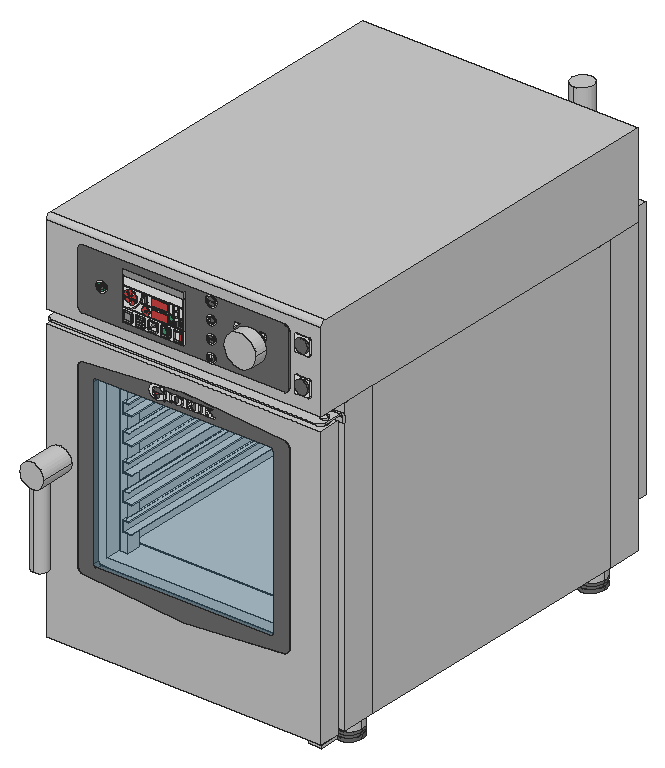
Revit family "QF_GIORIK_KH061_KT061_KP061_KH061W_KT061W_KP061W", category Specialty Equipment, Revit 2014
Parameters (values of type "KH061")
  Weight in Pounds = 202.825
  Watts = 7900 W
  Waste Water Discharge Temperature = 0 °C
  Volts = 400 V
  URL Cutsheet = ""
  URL = "www.giorik.com"
  Show Legs [instance] = yes
  Plumbing Remarks [instance] = ""
  Plumbing Connection Type [instance] = ""
  Legs height [instance] = if(Show Legs, 55 mm, 0 mm)  # 55 mm
  Indirect Waste Size = 1 1/2"
  Indirect Waste Flow = 0.0 L/s
  Indirect Waste Connection Type [instance] = ""
  Indirect Waste Connection Height = 89 mm
  Digital control = no
  Touch screen control = not(Digital control)  # yes
  Status [instance] = ""
  Specification by User [instance] = ""
  Specification by Manufacturer = ""
  Serial Number = ""
  Seismic Rating = ""
  SMACNA No = ""
  Right Hinged Door [instance] = yes
  Revision Code [instance] = ""
  Phase = 3
  Number of Poles [instance] = 3
  Left Hinged Door [instance] = not(Right Hinged Door)  # no
  NAFEM Spec ID Number = ""
  Model = "KH061"
  Min Ckt Ampacity = 0 A
  Max Overcurrent Protection = 20 A
  Masterspec = ""
  Manufacturer = "GIORIK"
  Show Logo [instance] = yes
  Show Clearance [instance] = yes
  Item Number [instance] = ""
  Installed By [instance] = ""
  Identify Quantity as Lot [instance] = no
  HP = "0"
  Furnished By [instance] = ""
  Foodservice Equipment Identifier [instance] = yes
  FL Amps = 0 A
  Electrical Remarks [instance] = ""
  Electric Connection Type [instance] = ""
  Elec Conn RI Height [instance] = 0 mm
  Elec Conn Connection Height [instance] = 649 mm
  Description = "ELECTRIC OVEN 6 GN 1/1 COMBINED CONVECTION/STEAM TOUCH SCREEN CONTROL - HIGH EFFICIENCY BOILER VERSION"
  Cycle = 50 Hz
  Conn Plug = ""
  Conn Conduit [instance] = no
  Cold Water Temperature Recommended = 0 °C
  Cold Water Size = 3/4"
  Cold Water RI Height [instance] = 0 mm
  Cold Water Minimum Pressure [instance] = 150.0 kPa
  Cold Water Maximum Pressure [instance] = 600.0 kPa
  Cold Water Flow [instance] = 0.0 L/s
  Cold Water Consumption [instance] = ""
  Cold Water Connection Height = 98 mm
  CSI MasterFormat = ""
  Assembly Code = "E1090320"
  Apparent Power = 7900 VA
Reference planes
  plane 1 "Back": y = 0
  plane 2: z = 0
  plane 3 "Left": x = 0
  plane 4 "Right": x = 519
  plane 5 "Front": y = -803
  plane 6 "Top": z = 770
  plane 7 "Legs height": z = 55
  plane 8 "Front oven": y = -748
Forms (mm)
  Extrusion 1, solid
    sketch origin (0, 0, 0) x (1, 0, 0) y (0, 0, 1)
      loop
        line (0, 55) -> (519, 55) -> (519, 610) -> (0, 610) -> (0, 55)
    from 120 to 683
  Extrusion 2, solid
    sketch origin (0, -803, 0) x (-1, 0, 0) y (0, 0, 1)
      loop
        line (-519, 585) -> (-519, 55) -> (0, 55) -> (0, 585) -> (-519, 585)
      loop
        line (-60, 195.46) -> (-60, 534.54)
        arc (-60, 534.54) -> (-62.377, 541.012) -> (-68.379, 544.407) r 10
        arc (-68.379, 544.407) -> (-259.5, 560) -> (-450.621, 544.407) r 1179.096
        arc (-450.621, 544.407) -> (-456.623, 541.012) -> (-459, 534.54) r 10
        line (-459, 534.54) -> (-459, 195.46)
        arc (-459, 195.46) -> (-456.623, 188.988) -> (-450.621, 185.593) r 10
        arc (-450.621, 185.593) -> (-259.5, 170) -> (-68.379, 185.593) r 1179.096
        arc (-68.379, 185.593) -> (-62.377, 188.988) -> (-60, 195.46) r 10
    from 0 to 40
  Extrusion 3, solid, visible <- "Right Hinged Door"
    sketch origin (-275, -803, 80) x (-1, 0, 0) y (0, 0, 1)
      loop
        circle (-300, 285) r 22.5
    from 0 to -65
  Extrusion 4, solid
    sketch origin (0, -803, 0) x (-1, 0, 0) y (0, 0, 1)
      loop
        line (-96, 525) -> (-423, 525)
        arc (-423, 525) -> (-427.243, 523.243) -> (-429, 519) r 6
        line (-429, 519) -> (-429, 211)
        arc (-429, 211) -> (-427.243, 206.757) -> (-423, 205) r 6
        line (-423, 205) -> (-96, 205)
        arc (-96, 205) -> (-91.757, 206.757) -> (-90, 211) r 6
        line (-90, 211) -> (-90, 519)
        arc (-90, 519) -> (-91.757, 523.243) -> (-96, 525) r 6
    from 0 to 10
  Extrusion 5, solid
    sketch origin (0, 0, 770) x (0, 1, 0) y (-1, 0, 0)
      loop
        line (-717, -70.5) -> (-705, -70.5) -> (-705, -69.5) -> (-718, -69.5) -> (-718, -85) -> (-691, -85) -> (-691, -84) -> (-717, -84) -> (-717, -70.5)
      loop
        line (-227, -105.5) -> (-227, -84) -> (-252, -84) -> (-252, -85) -> (-228, -85) -> (-228, -106.5) -> (-220, -106.5) -> (-220, -105.5) -> (-227, -105.5)
      loop
        line (-717, -448.5) -> (-717, -435) -> (-691, -435) -> (-691, -434) -> (-718, -434) -> (-718, -449.5) -> (-705, -449.5) -> (-705, -448.5) -> (-717, -448.5)
      loop
        line (-227, -413.5) -> (-220, -413.5) -> (-220, -412.5) -> (-228, -412.5) -> (-228, -434) -> (-252, -434) -> (-252, -435) -> (-227, -435) -> (-227, -413.5)
    from -211 to -581
  Extrusion 6, solid
    sketch origin (0, -748, 0) x (-1, 0, 0) y (0, 0, 1)
      loop
        line (-101, 231) -> (-101, 230) -> (-85, 230) -> (-85, 250) -> (-95, 250) -> (-95, 249) -> (-86, 249) -> (-86, 231) -> (-101, 231)
      loop
        line (-418, 231) -> (-433, 231) -> (-433, 249) -> (-424, 249) -> (-424, 250) -> (-434, 250) -> (-434, 230) -> (-418, 230) -> (-418, 231)
      loop
        line (-101, 281) -> (-101, 280) -> (-85, 280) -> (-85, 300) -> (-95, 300) -> (-95, 299) -> (-86, 299) -> (-86, 281) -> (-101, 281)
      loop
        line (-418, 281) -> (-433, 281) -> (-433, 299) -> (-424, 299) -> (-424, 300) -> (-434, 300) -> (-434, 280) -> (-418, 280) -> (-418, 281)
      loop
        line (-101, 331) -> (-101, 330) -> (-85, 330) -> (-85, 350) -> (-95, 350) -> (-95, 349) -> (-86, 349) -> (-86, 331) -> (-101, 331)
      loop
        line (-418, 331) -> (-433, 331) -> (-433, 349) -> (-424, 349) -> (-424, 350) -> (-434, 350) -> (-434, 330) -> (-418, 330) -> (-418, 331)
      loop
        line (-101, 381) -> (-101, 380) -> (-85, 380) -> (-85, 400) -> (-95, 400) -> (-95, 399) -> (-86, 399) -> (-86, 381) -> (-101, 381)
      loop
        line (-418, 381) -> (-433, 381) -> (-433, 399) -> (-424, 399) -> (-424, 400) -> (-434, 400) -> (-434, 380) -> (-418, 380) -> (-418, 381)
      loop
        line (-101, 431) -> (-101, 430) -> (-85, 430) -> (-85, 450) -> (-95, 450) -> (-95, 449) -> (-86, 449) -> (-86, 431) -> (-101, 431)
      loop
        line (-418, 431) -> (-433, 431) -> (-433, 449) -> (-424, 449) -> (-424, 450) -> (-434, 450) -> (-434, 430) -> (-418, 430) -> (-418, 431)
      loop
        line (-101, 481) -> (-101, 480) -> (-85, 480) -> (-85, 500) -> (-95, 500) -> (-95, 499) -> (-86, 499) -> (-86, 481) -> (-101, 481)
      loop
        line (-418, 481) -> (-433, 481) -> (-433, 499) -> (-424, 499) -> (-424, 500) -> (-434, 500) -> (-434, 480) -> (-418, 480) -> (-418, 481)
    from 20 to 520
  Extrusion 7, solid, visible <- "Show Clearance", detail levels coarse
    sketch origin (430, -505, 0) x (1, 0, 0) y (0, 1, 0)
      loop
        line (-430, -298) -> (-430, 505) -> (89, 505) -> (89, -298) -> (189, -298) -> (189, 605) -> (-530, 605) -> (-530, -298) -> (-430, -298)
    from 0 to 770
  Extrusion 8, solid, visible <- "Right Hinged Door", detail levels coarse
    sketch origin (0, -8, 55) x (0, 1, 0) y (-1, 0, 0)
      loop
        line (-795, -519) -> (-795, 0)
        arc (-795, 0) -> (-1150.31, -135.689) -> (-1314, -479) r 512
        line (-1314, -479) -> (-1314, -519) -> (-795, -519)
    from 0 to 530
  Extrusion 9, solid
    sketch origin (0, -803, 0) x (-1, 0, 0) y (0, 0, 1)
      loop
        arc (-450.621, 544.407) -> (-456.623, 541.012) -> (-459, 534.54) r 10
        line (-459, 534.54) -> (-459, 195.46)
        arc (-459, 195.46) -> (-456.623, 188.988) -> (-450.621, 185.593) r 10
        arc (-450.621, 185.593) -> (-259.5, 170) -> (-68.379, 185.593) r 1179.096
        arc (-68.379, 185.593) -> (-62.377, 188.988) -> (-60, 195.46) r 10
        line (-60, 195.46) -> (-60, 534.54)
        arc (-60, 534.54) -> (-62.377, 541.012) -> (-68.379, 544.407) r 10
        arc (-68.379, 544.407) -> (-259.5, 560) -> (-450.621, 544.407) r 1179.096
      loop
        arc (-90, 519) -> (-91.757, 523.243) -> (-96, 525) r 6
        line (-96, 525) -> (-423, 525)
        arc (-423, 525) -> (-427.243, 523.243) -> (-429, 519) r 6
        line (-429, 519) -> (-429, 211)
        arc (-429, 211) -> (-427.243, 206.757) -> (-423, 205) r 6
        line (-423, 205) -> (-96, 205)
        arc (-96, 205) -> (-91.757, 206.757) -> (-90, 211) r 6
        line (-90, 211) -> (-90, 519)
    from 0 to 10
  Extrusion 10, solid, visible <- "Right Hinged Door"
    sketch origin (-275, -8, 770) x (0, 1, 0) y (-1, 0, 0)
      loop
        circle (-841, -300) r 15
    from -570 to -405
  Extrusion 11, solid
    sketch origin (175, 182, 55) x (0, 1, 0) y (-1, 0, 0)
      loop
        circle (-203, -125) r 9.55
    from 60 to 34
  Extrusion 12, void
    sketch origin (-1000, 0, 0) x (1, 0, 0) y (0, 0, 1)
      loop
        line (1069.5, 559) -> (1069.5, 189) -> (1449.5, 189) -> (1449.5, 559) -> (1069.5, 559)
    from 208 to 748
  Extrusion 13, solid
    sketch origin (356.5, 0, -1) x (1, 0, 0) y (0, 0, 1)
      loop
        circle (80.5, 90) r 19.05
    from 45 to 55
  Extrusion 14, solid
    sketch origin (519, -8, -185) x (0, -1, 0) y (0, 0, 1)
      loop
        arc (748.5, 780.001) -> (742.49, 777.511) -> (740, 771.501) r 8.5
        line (740, 771.501) -> (740, 761) -> (743, 761) -> (743, 771.501)
        arc (743, 771.501) -> (744.611, 775.39) -> (748.5, 777.001) r 5.5
        line (748.5, 777.001) -> (748.5, 780.001)
    from 0 to 519
  Extrusion 15, solid
    sketch origin (0, 0, 770) x (0, 1, 0) y (-1, 0, 0)
      loop
        line (-756.5, 0) -> (-793, 0)
        arc (-793, 0) -> (-800.071, -2.929) -> (-803, -10) r 10
        line (-803, -10) -> (-803, -509)
        arc (-803, -509) -> (-800.071, -516.071) -> (-793, -519) r 10
        line (-793, -519) -> (-756.5, -519) -> (-756.5, 0)
    from -178 to -175
  Extrusion 16, solid, visible <- "Touch screen control"
    sketch origin (-500, -803, -40) x (-1, 0, 0) y (0, 0, 1)
      loop
        line (-604.2, 732.451) -> (-605.8, 732.451) -> (-605.8, 725) -> (-604.2, 725) -> (-604.2, 732.451)
      loop
        line (-606.5, 731.325) -> (-606.5, 729.77)
        arc (-606.5, 729.77) -> (-605, 720) -> (-603.5, 729.77) r 5
        line (-603.5, 729.77) -> (-603.5, 731.325)
        arc (-603.5, 731.325) -> (-605, 718.5) -> (-606.5, 731.325) r 6.5
      loop
        circle (-725.279, 691.84) r 4.5
      loop
        line (-758.755, 720.908) -> (-758.755, 707.352) -> (-756.151, 707.352) -> (-756.151, 720.908) -> (-758.755, 720.908)
      loop
        line (-754.755, 718.908) -> (-754.755, 707.352) -> (-752.151, 707.352) -> (-752.151, 718.908) -> (-754.755, 718.908)
      loop
        line (-750.755, 716.908) -> (-750.755, 707.352) -> (-748.151, 707.352) -> (-748.151, 716.908) -> (-750.755, 716.908)
      loop
        line (-746.755, 714.908) -> (-746.755, 707.352) -> (-744.151, 707.352) -> (-744.151, 714.908) -> (-746.755, 714.908)
      loop
        line (-742.755, 712.908) -> (-742.755, 707.352) -> (-740.151, 707.352) -> (-740.151, 712.908) -> (-742.755, 712.908)
      loop
        line (-738.755, 710.908) -> (-738.755, 707.352) -> (-736.151, 707.352) -> (-736.151, 710.908) -> (-738.755, 710.908)
      loop
        circle (-738.173, 718.223) r 4
    from 0 to -2
  Extrusion 17, solid, visible <- "Touch screen control"
    sketch origin (-500, -803, -35) x (-1, 0, 0) y (0, 0, 1)
      loop
        arc (-690.938, 726.13) -> (-689.438, 721.413) -> (-687.938, 726.13) r 2.597
        line (-687.938, 726.13) -> (-687.938, 733.989)
        arc (-687.938, 733.989) -> (-689.438, 735.489) -> (-690.938, 733.989) r 1.5
        line (-690.938, 733.989) -> (-690.938, 726.13)
      loop
        line (-700.102, 734.432) -> (-730.102, 734.432) -> (-730.102, 721.873) -> (-700.102, 721.873) -> (-700.102, 734.432)
      loop
        line (-700.102, 714.432) -> (-730.102, 714.432) -> (-730.102, 701.873) -> (-700.102, 701.873) -> (-700.102, 714.432)
      loop
        circle (-689.163, 708.706) r 7
      loop
        circle (-660.557, 722.463) r 2.5
      loop
        line (-659.449, 725.572) -> (-656.829, 731.19) -> (-658.704, 734.438)
        arc (-658.704, 734.438) -> (-664.206, 734.155) -> (-668.842, 731.18) r 10.731
        line (-668.842, 731.18) -> (-664.348, 731.18) -> (-661.824, 725.511)
        arc (-661.824, 725.511) -> (-660.642, 725.762) -> (-659.449, 725.572) r 3.3
      loop
        line (-663.171, 724.478) -> (-667.705, 728.706) -> (-671.373, 727.926)
        arc (-671.373, 727.926) -> (-672.804, 722.606) -> (-671.407, 717.277) r 10.731
        line (-671.407, 717.277) -> (-670.018, 721.551) -> (-663.846, 722.2)
        arc (-663.846, 722.2) -> (-663.721, 723.402) -> (-663.171, 724.478) r 3.3
      loop
        line (-657.258, 722.37) -> (-651.105, 721.615) -> (-648.595, 724.401)
        arc (-648.595, 724.401) -> (-650.565, 729.547) -> (-654.827, 733.037) r 10.731
        line (-654.827, 733.037) -> (-653.438, 728.762) -> (-658.05, 724.61)
        arc (-658.05, 724.61) -> (-657.445, 723.564) -> (-657.258, 722.37) r 3.3
      loop
        line (-663.28, 720.599) -> (-668.702, 717.594) -> (-669.094, 713.864)
        arc (-669.094, 713.864) -> (-664.477, 710.859) -> (-658.977, 710.541) r 10.731
        line (-658.977, 710.541) -> (-662.613, 713.183) -> (-661.323, 719.253)
        arc (-661.323, 719.253) -> (-662.427, 719.744) -> (-663.28, 720.599) r 3.3
      loop
        line (-659.626, 719.297) -> (-658.443, 713.212) -> (-655.017, 711.686)
        arc (-655.017, 711.686) -> (-650.732, 715.149) -> (-648.73, 720.282) r 10.731
        line (-648.73, 720.282) -> (-652.366, 717.64) -> (-657.741, 720.742)
        arc (-657.741, 720.742) -> (-658.549, 719.844) -> (-659.626, 719.297) r 3.3
      loop
        line (-687.655, 707.008) -> (-689.17, 708.279) -> (-684.047, 711.735) -> (-684.733, 712.752) -> (-690.148, 709.1) -> (-693.772, 712.14) -> (-694.56, 711.2) -> (-691.206, 708.386) -> (-692.349, 707.615) -> (-691.663, 706.598) -> (-690.228, 707.565) -> (-688.443, 706.068) -> (-687.655, 707.008)
      loop
        arc (-757.5, 684.717) -> (-756, 680) -> (-754.5, 684.717) r 2.597
        line (-754.5, 684.717) -> (-754.5, 692.576)
        arc (-754.5, 692.576) -> (-756, 694.076) -> (-757.5, 692.576) r 1.5
        line (-757.5, 692.576) -> (-757.5, 684.717)
    from 0 to -2
  Extrusion 18, solid, visible <- "Right Hinged Door"
    sketch origin (-341, -8, 55) x (0, 1, 0) y (-1, 0, 0)
      loop
        line (-791.5, -859) -> (-756.5, -859) -> (-744, -841) -> (-684, -841) -> (-684, -829)
        arc (-684, -829) -> (-692.752, -810) -> (-684, -791) r 25
        line (-684, -791) -> (-684, -781) -> (-738.5, -781) -> (-791.5, -834) -> (-791.5, -859)
    from -3 to -8
  Revolve 19, solid, visible <- "Right Hinged Door"
    sketch origin (-341, -781, -185) x (-1, 0, 0) y (0, 0, 1)
      loop
        line (-848.5, 785.401) -> (-848.5, 770) -> (-842.5, 770) -> (-842.5, 774.5) -> (-839, 774.5) -> (-839, 777) -> (-841.5, 777) -> (-841.5, 781.5) -> (-845, 785.401) -> (-848.5, 785.401)
      axis (-848.5, 785.401) -> (-848.5, 770)
    angle from 0 to 360
  Revolve 20, solid, visible <- "Right Hinged Door"
    sketch origin (-341, -781, 0) x (-1, 0, 0) y (0, 0, 1)
      loop
        line (-848.5, 41.599) -> (-845, 41.599) -> (-841.5, 45.5) -> (-841.5, 52.5) -> (-838, 52.5) -> (-838, 55) -> (-848.5, 55) -> (-848.5, 41.599)
      axis (-848.5, 41.599) -> (-848.5, 55)
    angle from 0 to 360
  Extrusion 21, solid, visible <- "Left Hinged Door"
    sketch origin (794, -803, 80) x (1, 0, 0) y (0, 0, -1)
      loop
        circle (-300, -285) r 22.5
    from 0 to -65
  Extrusion 22, solid, visible <- "Left Hinged Door", detail levels coarse
    sketch origin (1135, -8, 55) x (0, 1, 0) y (-1, 0, 0)
      loop
        line (-795, 1135) -> (-1314, 1135) -> (-1314, 1095)
        arc (-1314, 1095) -> (-1150.31, 751.689) -> (-795, 616) r 512
        line (-795, 616) -> (-795, 1135)
    from 0 to 530
  Extrusion 23, solid, visible <- "Left Hinged Door"
    sketch origin (794, -8, 770) x (0, 1, 0) y (-1, 0, 0)
      loop
        circle (-841, 300) r 15
    from -570 to -405
  Revolve 24, solid, visible <- "Left Hinged Door"
    sketch origin (860, -781, 0) x (1, 0, 0) y (0, 0, -1)
      loop
        line (-848.5, -41.599) -> (-848.5, -55) -> (-838, -55) -> (-838, -52.5) -> (-841.5, -52.5) -> (-841.5, -45.5) -> (-845, -41.599) -> (-848.5, -41.599)
      axis (-848.5, -41.599) -> (-848.5, -55)
    angle from 0 to 360
  Extrusion 25, solid, visible <- "Touch screen control"
    sketch origin (-500, -803, -50) x (-1, 0, 0) y (0, 0, 1)
      loop
        circle (-605, 735) r 10
      loop
        circle (-605, 735) r 8.5
      loop
        circle (-812, 783) r 10
      loop
        circle (-812, 783) r 8.5
      loop
        circle (-812, 751) r 8.5
      loop
        circle (-812, 751) r 7
      loop
        circle (-812, 719) r 8.5
      loop
        circle (-812, 719) r 7
      loop
        circle (-812, 687) r 8.5
      loop
        circle (-812, 687) r 7
      loop
        line (-645, 690) -> (-645, 780) -> (-761, 780) -> (-761, 690) -> (-645, 690)
      loop
        line (-818.5, 782.5) -> (-805.5, 782.5) -> (-805.5, 783.5) -> (-818.5, 783.5) -> (-818.5, 782.5)
      loop
        line (-854.895, 753.105) -> (-856.495, 764.486) -> (-865.962, 764.486)
        arc (-865.962, 764.486) -> (-859.858, 759.35) -> (-854.895, 753.105) r 40
      loop
        arc (-811, 687.209) -> (-812, 692) -> (-813, 687.209) r 2.5
        line (-813, 687.209) -> (-813, 684)
        arc (-813, 684) -> (-812, 683) -> (-811, 684) r 1
        line (-811, 684) -> (-811, 687.209)
      loop
        arc (-915.105, 753.105) -> (-910.142, 759.35) -> (-904.038, 764.486) r 40
        line (-904.038, 764.486) -> (-913.505, 764.486) -> (-915.105, 753.105)
      loop
        line (-807, 720.427) -> (-817, 720.427) -> (-817, 717.547) -> (-807, 717.547) -> (-807, 720.427)
      loop
        line (-815.767, 746.618) -> (-807.756, 746.618) -> (-807.756, 755.305) -> (-809.708, 755.305) -> (-809.708, 756.559) -> (-812.516, 754.805) -> (-809.708, 753.051) -> (-809.708, 754.305) -> (-808.756, 754.305) -> (-808.756, 747.618) -> (-815.767, 747.618) -> (-815.767, 746.618)
    from 0.5 to -1.5
  Extrusion 26, solid, visible <- "Touch screen control"
    sketch origin (-500, -803, -68) x (-1, 0, 0) y (0, 0, 1)
      loop
        line (-645, 798) -> (-761, 798) -> (-761, 788) -> (-761, 733) -> (-645, 733) -> (-645, 788) -> (-645, 798)
      loop
        line (-760, 788) -> (-760, 771.245) -> (-646, 771.245) -> (-646, 788) -> (-760, 788)
      loop
        line (-649, 729) -> (-661, 729)
        arc (-661, 729) -> (-663.121, 728.121) -> (-664, 726) r 3
        line (-664, 726) -> (-664, 714)
        arc (-664, 714) -> (-663.121, 711.879) -> (-661, 711) r 3
        line (-661, 711) -> (-649, 711)
        arc (-649, 711) -> (-646.879, 711.879) -> (-646, 714) r 3
        line (-646, 714) -> (-646, 726)
        arc (-646, 726) -> (-646.879, 728.121) -> (-649, 729) r 3
      loop
        line (-649, 728) -> (-661, 728)
        arc (-661, 728) -> (-662.414, 727.414) -> (-663, 726) r 2
        line (-663, 726) -> (-663, 714)
        arc (-663, 714) -> (-662.414, 712.586) -> (-661, 712) r 2
        line (-661, 712) -> (-649, 712)
        arc (-649, 712) -> (-647.586, 712.586) -> (-647, 714) r 2
        line (-647, 714) -> (-647, 726)
        arc (-647, 726) -> (-647.586, 727.414) -> (-649, 728) r 2
      loop
        line (-673, 729) -> (-685, 729)
        arc (-685, 729) -> (-687.121, 728.121) -> (-688, 726) r 3
        line (-688, 726) -> (-688, 714)
        arc (-688, 714) -> (-687.121, 711.879) -> (-685, 711) r 3
        line (-685, 711) -> (-673, 711)
        arc (-673, 711) -> (-670.879, 711.879) -> (-670, 714) r 3
        line (-670, 714) -> (-670, 726)
        arc (-670, 726) -> (-670.879, 728.121) -> (-673, 729) r 3
      loop
        line (-673, 728) -> (-685, 728)
        arc (-685, 728) -> (-686.414, 727.414) -> (-687, 726) r 2
        line (-687, 726) -> (-687, 714)
        arc (-687, 714) -> (-686.414, 712.586) -> (-685, 712) r 2
        line (-685, 712) -> (-673, 712)
        arc (-673, 712) -> (-671.586, 712.586) -> (-671, 714) r 2
        line (-671, 714) -> (-671, 726)
        arc (-671, 726) -> (-671.586, 727.414) -> (-673, 728) r 2
      loop
        line (-697, 729) -> (-709, 729)
        arc (-709, 729) -> (-711.121, 728.121) -> (-712, 726) r 3
        line (-712, 726) -> (-712, 714)
        arc (-712, 714) -> (-711.121, 711.879) -> (-709, 711) r 3
        line (-709, 711) -> (-697, 711)
        arc (-697, 711) -> (-694.879, 711.879) -> (-694, 714) r 3
        line (-694, 714) -> (-694, 726)
        arc (-694, 726) -> (-694.879, 728.121) -> (-697, 729) r 3
      loop
        line (-697, 728) -> (-709, 728)
        arc (-709, 728) -> (-710.414, 727.414) -> (-711, 726) r 2
        line (-711, 726) -> (-711, 714)
        arc (-711, 714) -> (-710.414, 712.586) -> (-709, 712) r 2
        line (-709, 712) -> (-697, 712)
        arc (-697, 712) -> (-695.586, 712.586) -> (-695, 714) r 2
        line (-695, 714) -> (-695, 726)
        arc (-695, 726) -> (-695.586, 727.414) -> (-697, 728) r 2
      loop
        line (-721, 729) -> (-733, 729)
        arc (-733, 729) -> (-735.121, 728.121) -> (-736, 726) r 3
        line (-736, 726) -> (-736, 714)
        arc (-736, 714) -> (-735.121, 711.879) -> (-733, 711) r 3
        line (-733, 711) -> (-721, 711)
        arc (-721, 711) -> (-718.879, 711.879) -> (-718, 714) r 3
        line (-718, 714) -> (-718, 726)
        arc (-718, 726) -> (-718.879, 728.121) -> (-721, 729) r 3
      loop
        line (-721, 728) -> (-733, 728)
        arc (-733, 728) -> (-734.414, 727.414) -> (-735, 726) r 2
        line (-735, 726) -> (-735, 714)
        arc (-735, 714) -> (-734.414, 712.586) -> (-733, 712) r 2
        line (-733, 712) -> (-721, 712)
        arc (-721, 712) -> (-719.586, 712.586) -> (-719, 714) r 2
        line (-719, 714) -> (-719, 726)
        arc (-719, 726) -> (-719.586, 727.414) -> (-721, 728) r 2
      loop
        line (-745, 729) -> (-757, 729)
        arc (-757, 729) -> (-759.121, 728.121) -> (-760, 726) r 3
        line (-760, 726) -> (-760, 714)
        arc (-760, 714) -> (-759.121, 711.879) -> (-757, 711) r 3
        line (-757, 711) -> (-745, 711)
        arc (-745, 711) -> (-742.879, 711.879) -> (-742, 714) r 3
        line (-742, 714) -> (-742, 726)
        arc (-742, 726) -> (-742.879, 728.121) -> (-745, 729) r 3
      loop
        line (-745, 728) -> (-757, 728)
        arc (-757, 728) -> (-758.414, 727.414) -> (-759, 726) r 2
        line (-759, 726) -> (-759, 714)
        arc (-759, 714) -> (-758.414, 712.586) -> (-757, 712) r 2
        line (-757, 712) -> (-745, 712)
        arc (-745, 712) -> (-743.586, 712.586) -> (-743, 714) r 2
        line (-743, 714) -> (-743, 726)
        arc (-743, 726) -> (-743.586, 727.414) -> (-745, 728) r 2
      loop
        line (-760, 734) -> (-732.283, 734) -> (-732.283, 751.245) -> (-760, 751.245) -> (-760, 734)
      loop
        line (-646, 734) -> (-646, 770.245) -> (-683.232, 770.245)
        arc (-683.232, 770.245) -> (-674.645, 747.082) -> (-653.689, 734) r 38.245
        line (-653.689, 734) -> (-646, 734)
      loop
        arc (-679.339, 752.245) -> (-682.871, 760.95) -> (-684.233, 770.245) r 39.245
        line (-684.233, 770.245) -> (-731.283, 770.245) -> (-731.283, 752.245) -> (-679.339, 752.245)
      loop
        line (-678.767, 751.245) -> (-731.283, 751.245) -> (-731.283, 734) -> (-657.369, 734)
        arc (-657.369, 734) -> (-669.627, 740.688) -> (-678.767, 751.245) r 39.245
      loop
        line (-760, 752.245) -> (-732.283, 752.245) -> (-732.283, 770.245) -> (-760, 770.245) -> (-760, 752.245)
      loop
        line (-697.094, 717.465) -> (-701.225, 721.596)
        arc (-701.225, 721.596) -> (-702.562, 724.46) -> (-705.585, 725.385) r 3.889
        line (-705.585, 725.385) -> (-708.039, 725.385)
        arc (-708.039, 725.385) -> (-709.54, 723.884) -> (-708.039, 722.384) r 1.501
        line (-708.039, 722.384) -> (-706.381, 722.384)
        arc (-706.381, 722.384) -> (-704.72, 720.777) -> (-702.444, 720.377) r 3.942
        line (-702.444, 720.377) -> (-698.312, 716.246)
        arc (-698.312, 716.246) -> (-697.094, 716.246) -> (-697.094, 717.465) r 0.862
      loop
        line (-683.054, 726.463) -> (-683.054, 723.694) -> (-671.81, 723.694) -> (-671.81, 726.463) -> (-683.054, 726.463)
      loop
        line (-683.054, 721.811) -> (-683.054, 719.042) -> (-671.81, 719.042) -> (-671.81, 721.811) -> (-683.054, 721.811)
      loop
        line (-683.054, 716.811) -> (-683.054, 714.042) -> (-671.81, 714.042) -> (-671.81, 716.811) -> (-683.054, 716.811)
      loop
        line (-649, 726) -> (-661, 726) -> (-661, 714) -> (-649, 714) -> (-649, 726)
      loop
        line (-754.5, 717.717) -> (-754.5, 725.576)
        arc (-754.5, 725.576) -> (-756, 727.076) -> (-757.5, 725.576) r 1.5
        line (-757.5, 725.576) -> (-757.5, 717.717)
        arc (-757.5, 717.717) -> (-756, 713) -> (-754.5, 717.717) r 2.597
      loop
        line (-731.081, 717.297) -> (-731.081, 723.597)
        arc (-731.081, 723.597) -> (-732.283, 724.8) -> (-733.486, 723.597) r 1.202
        line (-733.486, 723.597) -> (-733.486, 717.297)
        arc (-733.486, 717.297) -> (-732.283, 713.515) -> (-731.081, 717.297) r 2.082
      loop
        line (-742.163, 767.702) -> (-742.163, 762.021) -> (-750.12, 762.021) -> (-750.12, 767.702) -> (-751.74, 767.702) -> (-751.74, 754.74) -> (-750.12, 754.74) -> (-750.12, 760.421) -> (-742.163, 760.421) -> (-742.163, 754.74) -> (-740.543, 754.74) -> (-740.543, 767.702) -> (-742.163, 767.702)
    from 0 to -2
  Extrusion 27, solid, visible <- "Show Logo", detail levels medium+fine
    sketch origin (121.547, -803, 71.721) x (-1, 0, 0) y (0, 0, 1)
      loop
        line (-104.547, 478.962) -> (-115.547, 478.962) -> (-112.754, 476.618) -> (-112.754, 466.306) -> (-115.547, 463.962) -> (-104.547, 463.962) -> (-107.34, 466.306) -> (-107.34, 476.618) -> (-104.547, 478.962)
      loop
        line (-159.547, 478.962) -> (-170.547, 478.962) -> (-167.754, 476.618) -> (-167.754, 466.306) -> (-170.547, 463.962) -> (-159.547, 463.962) -> (-162.34, 466.306) -> (-162.34, 476.618) -> (-159.547, 478.962)
      loop
        line (-172.547, 478.962) -> (-183.547, 478.962) -> (-180.754, 476.618) -> (-180.754, 471.706) -> (-187.354, 477.244) -> (-184.9, 478.962) -> (-193.294, 478.962) -> (-189.303, 477.101) -> (-186.172, 473.97) -> (-192.777, 466.098) -> (-195.9, 464.962) -> (-195.9, 463.962) -> (-184.9, 463.962) -> (-186.151, 465.747) -> (-182.483, 470.625) -> (-180.754, 469.818) -> (-180.754, 466.306) -> (-183.547, 463.962) -> (-172.547, 463.962) -> (-175.34, 466.306) -> (-175.34, 476.618) -> (-172.547, 478.962)
      loop
        line (-100.387, 483.5) -> (-100.387, 473.865)
        arc (-100.387, 473.865) -> (-95.719, 478.282) -> (-89.875, 480.956) r 19.648
        arc (-89.875, 480.956) -> (-85.547, 480.774) -> (-82.114, 478.131) r 7.168
        arc (-82.114, 478.131) -> (-80.034, 471.5) -> (-82.114, 464.868) r 11.613
        arc (-82.114, 464.868) -> (-84.434, 462.581) -> (-87.423, 461.287) r 8.864
        arc (-87.423, 461.287) -> (-90.954, 461.508) -> (-93.801, 463.608) r 6.26
        line (-93.801, 463.608) -> (-93.801, 471.174) -> (-101.26, 471.174) -> (-101.26, 463.213) -> (-103.406, 461.068) -> (-98.753, 462.314)
        arc (-98.753, 462.314) -> (-96.873, 462.533) -> (-95.12, 461.821) r 3.816
        arc (-95.12, 461.821) -> (-86.651, 459.034) -> (-78.183, 461.821) r 14.26
        arc (-78.183, 461.821) -> (-73.396, 471.305) -> (-78.183, 480.788) r 11.787
        arc (-78.183, 480.788) -> (-86.838, 483.637) -> (-95.494, 480.788) r 14.575
        line (-95.494, 480.788) -> (-100.387, 483.5)
      loop
        arc (-117.299, 476.157) -> (-125.457, 479.293) -> (-133.615, 476.157) r 12.178
        arc (-133.615, 476.157) -> (-135.675, 471.524) -> (-133.615, 466.891) r 6.24
        arc (-133.615, 466.891) -> (-125.457, 463.755) -> (-117.299, 466.891) r 12.178
        arc (-117.299, 466.891) -> (-115.239, 471.524) -> (-117.299, 476.157) r 6.24
      loop
        arc (-121.457, 474.117) -> (-125.457, 478.117) -> (-129.457, 474.117) r 4
        line (-129.457, 474.117) -> (-129.457, 468.931)
        arc (-129.457, 468.931) -> (-125.457, 464.931) -> (-121.457, 468.931) r 4
        line (-121.457, 468.931) -> (-121.457, 474.117)
      loop
        arc (-150.534, 478.971) -> (-154.557, 474.947) -> (-150.534, 470.923) r 4.024
        line (-150.534, 470.923) -> (-154.412, 465.423) -> (-157.545, 463.962) -> (-149.901, 463.962) -> (-147.062, 470.05) -> (-143.519, 470.05) -> (-143.519, 466.008) -> (-146.441, 463.962) -> (-135.402, 463.962) -> (-137.953, 465.881) -> (-137.953, 476.677) -> (-135.669, 478.971) -> (-150.534, 478.971)
      loop
        line (-143.519, 477.926) -> (-147.194, 477.926)
        arc (-147.194, 477.926) -> (-150.379, 474.741) -> (-147.194, 471.556) r 3.185
        line (-147.194, 471.556) -> (-143.519, 471.556) -> (-143.519, 477.926)
    from 1 to -1
  Extrusion 28, solid, visible <- "Show Logo", detail levels medium+fine
    sketch origin (119.547, -803, 71.721) x (-1, 0, 0) y (0, 0, 1)
      loop
        line (-83.301, 471.174) -> (-95.301, 471.174) -> (-89.301, 466.174) -> (-83.301, 471.174)
    from 1 to -1
  Extrusion 29, solid, visible <- "Show Legs"
    sketch origin (-10, -30, 0) x (1, 0, 0) y (0, 1, 0)
      loop
        circle (60, -72) r 25
    from 0 to 6
  Extrusion 30, solid, visible <- "Show Legs"
    sketch origin (-10, -30, 0) x (1, 0, 0) y (0, 1, 0)
      loop
        circle (60, -72) r 25
    from 17 to 55
  Extrusion 31, solid, visible <- "Show Legs"
    sketch origin (409, -30, 0) x (1, 0, 0) y (0, 1, 0)
      loop
        circle (60, -72) r 25
    from 0 to 6
  Extrusion 32, solid, visible <- "Show Legs"
    sketch origin (409, -30, 0) x (1, 0, 0) y (0, 1, 0)
      loop
        circle (60, -72) r 25
    from 17 to 55
  Extrusion 33, solid, visible <- "Show Legs"
    sketch origin (-10, -596, 0) x (1, 0, 0) y (0, 1, 0)
      loop
        circle (60, -79) r 25
    from 0 to 6
  Extrusion 34, solid, visible <- "Show Legs"
    sketch origin (-10, -596, 0) x (1, 0, 0) y (0, 1, 0)
      loop
        circle (60, -79) r 25
    from 17 to 55
  Extrusion 35, solid, visible <- "Show Legs"
    sketch origin (409, -596, 0) x (1, 0, 0) y (0, 1, 0)
      loop
        circle (60, -79) r 25
    from 0 to 6
  Extrusion 36, solid, visible <- "Show Legs"
    sketch origin (409, -596, 0) x (1, 0, 0) y (0, 1, 0)
      loop
        circle (60, -79) r 25
    from 17 to 55
  Extrusion 37, solid, visible <- "Show Legs"
    sketch origin (-10, -30, 0) x (1, 0, 0) y (0, 1, 0)
      loop
        circle (60, -72) r 23
    from 6 to 12
  Extrusion 38, solid, visible <- "Show Legs"
    sketch origin (409, -30, 0) x (1, 0, 0) y (0, 1, 0)
      loop
        circle (60, -72) r 23
    from 6 to 12
  Extrusion 39, solid, visible <- "Show Legs"
    sketch origin (-10, -596, 0) x (1, 0, 0) y (0, 1, 0)
      loop
        circle (60, -79) r 23
    from 6 to 12
  Extrusion 40, solid, visible <- "Show Legs"
    sketch origin (409, -596, 0) x (1, 0, 0) y (0, 1, 0)
      loop
        circle (60, -79) r 23
    from 6 to 12
  Extrusion 41, solid, visible <- "Show Legs"
    sketch origin (-10, -30, 0) x (1, 0, 0) y (0, 1, 0)
      loop
        circle (60, -72) r 25
    from 12 to 17
  Extrusion 42, solid, visible <- "Show Legs"
    sketch origin (409, -30, 0) x (1, 0, 0) y (0, 1, 0)
      loop
        circle (60, -72) r 25
    from 12 to 17
  Extrusion 43, solid, visible <- "Show Legs"
    sketch origin (-10, -596, 0) x (1, 0, 0) y (0, 1, 0)
      loop
        circle (60, -79) r 25
    from 12 to 17
  Extrusion 44, solid, visible <- "Show Legs"
    sketch origin (409, -596, 0) x (1, 0, 0) y (0, 1, 0)
      loop
        circle (60, -79) r 25
    from 12 to 17
  Extrusion 45, solid
    sketch origin (0, 0, 0) x (1, 0, 0) y (0, 0, 1)
      loop
        line (0, 55) -> (519, 55) -> (519, 610) -> (0, 610) -> (0, 55)
    from 55 to 120
  Extrusion 46, solid
    sketch origin (0, -803, 0) x (-1, 0, 0) y (0, 0, 1)
      loop
        arc (-60, 732.754) -> (-62.664, 739.55) -> (-69.236, 742.725) r 10
        arc (-69.236, 742.725) -> (-259.5, 750) -> (-449.764, 742.725) r 2491.516
        arc (-449.764, 742.725) -> (-456.336, 739.55) -> (-459, 732.754) r 10
        line (-459, 732.754) -> (-459, 637.246)
        arc (-459, 637.246) -> (-456.336, 630.45) -> (-449.764, 627.275) r 10
        arc (-449.764, 627.275) -> (-259.5, 620) -> (-69.236, 627.275) r 2491.516
        arc (-69.236, 627.275) -> (-62.664, 630.45) -> (-60, 637.246) r 10
        line (-60, 637.246) -> (-60, 732.754)
    from -0.5 to 2
  Extrusion 47, solid
    sketch origin (0, 0, 0) x (1, 0, 0) y (0, 0, 1)
      loop
        line (30, 115) -> (489, 115) -> (489, 610) -> (30, 610) -> (30, 115)
    from 0 to 55
  Extrusion 48, solid
    sketch origin (0, 0, 0) x (0, 1, 0) y (0, 0, 1)
      loop
        line (-55, 770) -> (-793, 770)
        arc (-793, 770) -> (-800.042, 767.042) -> (-803, 760) r 10.1
        line (-803, 760) -> (-803, 610) -> (-55, 610) -> (-55, 770)
    from 0 to 519
  Revolve 49, solid, visible <- "Left Hinged Door"
    sketch origin (860, -781, -185) x (1, 0, 0) y (0, 0, -1)
      loop
        line (-848.5, -785.401) -> (-845, -785.401) -> (-841.5, -781.5) -> (-841.5, -777) -> (-839, -777) -> (-839, -774.5) -> (-842.5, -774.5) -> (-842.5, -770) -> (-848.5, -770) -> (-848.5, -785.401)
      axis (-848.5, -785.401) -> (-848.5, -770)
    angle from 0 to 360
  Extrusion 50, solid, visible <- "Right Hinged Door"
    sketch origin (0, 0, 55) x (0, 1, 0) y (-1, 0, 0)
      loop
        circle (-712, -492) r 6
      loop
        circle (-700, -448) r 6
      loop
        circle (-725, -448) r 6
    from 0 to -12
  Extrusion 51, solid, visible <- "Left Hinged Door"
    sketch origin (860, -8, 55) x (0, 1, 0) y (-1, 0, 0)
      loop
        line (-791.5, 859) -> (-791.5, 834) -> (-738.5, 781) -> (-684, 781) -> (-684, 791)
        arc (-684, 791) -> (-692.752, 810) -> (-684, 829) r 25
        line (-684, 829) -> (-684, 841) -> (-744, 841) -> (-756.5, 859) -> (-791.5, 859)
    from -3 to -8
  Extrusion 52, solid, visible <- "Left Hinged Door"
    sketch origin (519, 0, 55) x (0, 1, 0) y (-1, 0, 0)
      loop
        circle (-712, 492) r 6
      loop
        circle (-700, 448) r 6
      loop
        circle (-725, 448) r 6
    from 0 to -12
  Extrusion 53, solid, visible <- "Touch screen control"
    sketch origin (0, -803, 0) x (-1, 0, 0) y (0, 0, 1)
      loop
        circle (-385, 685) r 30
    from 0 to -23.806
  Extrusion 54, solid
    sketch origin (-63.25, -600, 726.5) x (0, 0, 1) y (-1, 0, 0)
      loop
        line (-93.521, -112.5) -> (-77.5, -121.75) -> (-61.479, -112.5) -> (-61.479, -94) -> (-77.5, -84.75) -> (-93.521, -94) -> (-93.521, -112.5)
    from -568 to -558
  Extrusion 55, solid
    sketch origin (0, 0, 0) x (1, 0, 0) y (0, 0, 1)
      loop
        circle (40, 649) r 15
    from 55 to 42
  Extrusion 56, solid
    sketch origin (-63.25, -600, 726.5) x (0, 0, 1) y (-1, 0, 0)
      loop
        line (-93.521, -112.5) -> (-77.5, -121.75) -> (-61.479, -112.5) -> (-61.479, -94) -> (-77.5, -84.75) -> (-93.521, -94) -> (-93.521, -112.5)
    from -550 to -545
  Revolve 57, solid
    sketch origin (40, 291, 726.5) x (0, 0, 1) y (0, -1, 0)
      loop
        line (-77.5, 323) -> (-77.5, 315) -> (-66.5, 315)
        arc (-66.5, 315) -> (-62.868, 318.292) -> (-61.5, 323) r 9
        line (-61.5, 323) -> (-77.5, 323)
      axis (-77.5, 315) -> (-77.5, 323)
    angle from 0 to 360
  Extrusion 58, solid
    sketch origin (519, 0, 0) x (0, -1, 0) y (0, 0, 1)
      loop
        arc (55, 707) -> (53.536, 710.536) -> (50, 712) r 5
        line (50, 712) -> (45, 712) -> (45, 710) -> (50, 710)
        arc (50, 710) -> (52.121, 709.121) -> (53, 707) r 3
        line (53, 707) -> (53, 700) -> (43, 700) -> (43, 620) -> (55, 620) -> (55, 707)
    from 25 to 225
  Blend 59, solid
    base sketch origin (0, 0, 770) x (0, 1, 0) y (-1, 0, 0)
      loop
        circle (-27, -392) r 25
    top sketch origin (0, 0, 770) x (0, 1, 0) y (-1, 0, 0)
      loop
        circle (-27, -392) r 20
    from -160 to -152
  Extrusion 60, solid
    sketch origin (0, 0, 770) x (0, 1, 0) y (-1, 0, 0)
      loop
        circle (-27, -392) r 20
    from -152 to 22
  Extrusion 61, solid
    sketch origin (0, -748, 0) x (-1, 0, 0) y (0, 0, 1)
      loop
        line (0, 55) -> (0, 610) -> (-519, 610) -> (-519, 55) -> (0, 55)
      loop
        line (-69.5, 559) -> (-435, 559) -> (-435, 189) -> (-69.5, 189) -> (-69.5, 559)
    from 0 to 65
  Extrusion 62, solid
    sketch origin (0, -748, 0) x (-1, 0, 0) y (0, 0, 1)
      loop
        line (-504.063, 570) -> (-504.063, 70) -> (-14.937, 70) -> (-14.937, 570) -> (-504.063, 570)
      loop
        line (-29.937, 555) -> (-489.063, 555) -> (-489.063, 85) -> (-29.937, 85) -> (-29.937, 555)
    from 0 to -15
  Extrusion 63, solid
    sketch origin (0, -803, 1) x (-1, 0, 0) y (0, 0, 1)
      loop
        arc (-496, 735) -> (-498.121, 734.121) -> (-499, 732) r 3
        line (-499, 732) -> (-499, 706)
        arc (-499, 706) -> (-498.121, 703.879) -> (-496, 703) r 3
        line (-496, 703) -> (-474, 703)
        arc (-474, 703) -> (-471.879, 703.879) -> (-471, 706) r 3
        line (-471, 706) -> (-471, 732)
        arc (-471, 732) -> (-471.879, 734.121) -> (-474, 735) r 3
        line (-474, 735) -> (-496, 735)
    from 0 to -2
  Extrusion 64, solid
    sketch origin (0, -803, 1) x (-1, 0, 0) y (0, 0, 1)
      loop
        circle (-485, 719) r 12.5
    from -2 to -5
  Extrusion 65, solid
    sketch origin (0, -803, -69) x (-1, 0, 0) y (0, 0, 1)
      loop
        arc (-496, 735) -> (-498.121, 734.121) -> (-499, 732) r 3
        line (-499, 732) -> (-499, 706)
        arc (-499, 706) -> (-498.121, 703.879) -> (-496, 703) r 3
        line (-496, 703) -> (-474, 703)
        arc (-474, 703) -> (-471.879, 703.879) -> (-471, 706) r 3
        line (-471, 706) -> (-471, 732)
        arc (-471, 732) -> (-471.879, 734.121) -> (-474, 735) r 3
        line (-474, 735) -> (-496, 735)
    from 0 to -2
  Extrusion 66, solid
    sketch origin (0, -803, -69) x (-1, 0, 0) y (0, 0, 1)
      loop
        circle (-485, 719) r 12.5
    from -2 to -5
  Extrusion 67, solid, visible <- "Digital control"
    sketch origin (-530, -803, -35) x (-1, 0, 0) y (0, 0, 1)
      loop
        circle (-605, 735) r 10
      loop
        circle (-605, 735) r 8.5
      loop
        line (-604.2, 742.451) -> (-605.8, 742.451) -> (-605.8, 735) -> (-604.2, 735) -> (-604.2, 742.451)
      loop
        line (-606.5, 741.325) -> (-606.5, 739.77)
        arc (-606.5, 739.77) -> (-605, 730) -> (-603.5, 739.77) r 5
        line (-603.5, 739.77) -> (-603.5, 741.325)
        arc (-603.5, 741.325) -> (-605, 728.5) -> (-606.5, 741.325) r 6.5
      loop
        line (-628, 727) -> (-628, 743) -> (-673, 743) -> (-673, 727) -> (-628, 727)
      loop
        line (-688, 727) -> (-688, 743) -> (-733, 743) -> (-733, 727) -> (-688, 727)
      loop
        line (-748, 727) -> (-748, 743) -> (-798, 743) -> (-798, 727) -> (-748, 727)
      loop
        line (-808, 727) -> (-808, 743) -> (-858, 743) -> (-858, 727) -> (-808, 727)
    from 0.5 to -1.5
  Extrusion 68, solid, visible <- "Digital control"
    sketch origin (39, -803, 0) x (-1, 0, 0) y (0, 0, 1)
      loop
        circle (-385, 685) r 30
    from 0 to -23.806
  Extrusion 69, solid, visible <- "Digital control"
    sketch origin (-530, -803, -65) x (-1, 0, 0) y (0, 0, 1)
      loop
        circle (-605, 735) r 9
      loop
        circle (-605, 735) r 5
      loop
        circle (-605, 735) r 8
      loop
        circle (-635.5, 735) r 9
      loop
        circle (-635.5, 735) r 8
      loop
        circle (-666, 735) r 9
      loop
        circle (-666, 735) r 8
      loop
        circle (-696.5, 735) r 9
      loop
        circle (-696.5, 735) r 8
      loop
        circle (-727, 735) r 9
      loop
        circle (-727, 735) r 8
      loop
        circle (-757.5, 735) r 9
      loop
        circle (-757.5, 735) r 8
      loop
        circle (-788.5, 735) r 9
      loop
        circle (-788.5, 735) r 8
      loop
        circle (-819, 735) r 9
      loop
        circle (-819, 735) r 8
      loop
        circle (-849.5, 735) r 9
      loop
        circle (-849.5, 735) r 8
      loop
        circle (-880.5, 735) r 9
      loop
        circle (-880.5, 735) r 8
      loop
        circle (-911, 735) r 9
      loop
        circle (-911, 735) r 8
      loop
        circle (-880.5, 765) r 9
      loop
        circle (-880.5, 765) r 8
      loop
        circle (-911, 765) r 9
      loop
        circle (-911, 765) r 8
      loop
        circle (-757.5, 735) r 5
      loop
        line (-633.793, 739.504) -> (-640.151, 739.504) -> (-639.707, 737.845) -> (-637.396, 737.845) -> (-636.114, 731.251) -> (-634.614, 731.251) -> (-630.114, 731.251) -> (-633.153, 737.118) -> (-635.079, 733.644) -> (-635.896, 737.845) -> (-633.348, 737.845) -> (-633.793, 739.504)
      loop
        arc (-667.2, 733.193) -> (-666, 728.5) -> (-664.8, 733.193) r 2.5
        line (-664.8, 733.193) -> (-664.8, 739)
        arc (-664.8, 739) -> (-666, 740.2) -> (-667.2, 739) r 1.2
        line (-667.2, 739) -> (-667.2, 733.193)
      loop
        line (-788.5, 741.071) -> (-792.038, 734.367)
        arc (-792.038, 734.367) -> (-788.5, 728.5) -> (-784.962, 734.367) r 4
        line (-784.962, 734.367) -> (-788.5, 741.071)
      loop
        line (-723.189, 737.612) -> (-726.907, 735.378) -> (-731.007, 738.941) -> (-731.743, 738.095) -> (-727.918, 734.77) -> (-729.502, 733.819) -> (-728.924, 732.857) -> (-727.028, 733.996) -> (-725.807, 732.935) -> (-725.072, 733.782) -> (-726.017, 734.604) -> (-722.611, 736.651) -> (-723.189, 737.612)
      loop
        line (-631.265, 731.951) -> (-633.174, 735.637) -> (-634.927, 732.862) -> (-634.75, 731.951) -> (-631.265, 731.951)
      loop
        line (-690.307, 731.732) -> (-694.438, 735.864)
        arc (-694.438, 735.864) -> (-695.775, 738.728) -> (-698.797, 739.653) r 3.889
        line (-698.797, 739.653) -> (-701.252, 739.653)
        arc (-701.252, 739.653) -> (-702.753, 738.152) -> (-701.252, 736.651) r 1.501
        line (-701.252, 736.651) -> (-699.594, 736.651)
        arc (-699.594, 736.651) -> (-697.933, 735.045) -> (-695.657, 734.645) r 3.942
        line (-695.657, 734.645) -> (-691.525, 730.514)
        arc (-691.525, 730.514) -> (-690.307, 730.514) -> (-690.307, 731.732) r 0.862
      loop
        line (-884.582, 729.962) -> (-876.57, 729.962) -> (-876.57, 738.649) -> (-878.523, 738.649) -> (-878.523, 739.903) -> (-881.33, 738.149) -> (-878.523, 736.395) -> (-878.523, 737.649) -> (-877.57, 737.649) -> (-877.57, 730.962) -> (-884.582, 730.962) -> (-884.582, 729.962)
      loop
        arc (-909.723, 764.779) -> (-910.834, 770.103) -> (-911.945, 764.779) r 2.778
        line (-911.945, 764.779) -> (-911.945, 761.214)
        arc (-911.945, 761.214) -> (-910.834, 760.103) -> (-909.723, 761.214) r 1.111
        line (-909.723, 761.214) -> (-909.723, 764.779)
      loop
        line (-876.101, 770.074) -> (-877.161, 770.074) -> (-877.161, 760.572) -> (-876.101, 760.572) -> (-876.101, 770.074)
      loop
        line (-884.899, 770.074) -> (-884.899, 760.572) -> (-883.839, 760.572) -> (-883.839, 770.074) -> (-884.899, 770.074)
      loop
        line (-877.635, 763.747) -> (-883.51, 769.623) -> (-883.51, 767.751) -> (-877.635, 761.876) -> (-877.635, 763.747)
      loop
        line (-905.732, 735.416) -> (-916.526, 735.416) -> (-916.526, 734.324) -> (-905.732, 734.324) -> (-905.732, 735.416)
      loop
        line (-906.659, 739.456) -> (-915.665, 739.456) -> (-915.665, 736.807) -> (-906.659, 736.807) -> (-906.659, 739.456)
      loop
        line (-906.659, 730.544) -> (-906.659, 733.193) -> (-915.665, 733.193) -> (-915.665, 730.544) -> (-906.659, 730.544)
      loop
        arc (-843.535, 737.254) -> (-845.64, 738.328) -> (-847.887, 737.599) r 3.087
        arc (-847.887, 737.599) -> (-849.852, 739.804) -> (-852.778, 740.2) r 4.257
        line (-852.778, 740.2) -> (-855.4, 734.311)
        arc (-855.4, 734.311) -> (-852.473, 733.915) -> (-850.509, 731.711) r 4.257
        arc (-850.509, 731.711) -> (-848.261, 732.439) -> (-846.157, 731.365) r 3.087
        line (-846.157, 731.365) -> (-843.535, 737.254)
      loop
        line (-821.738, 733.949) -> (-822.859, 733.949)
        arc (-822.859, 733.949) -> (-815, 734.997) -> (-822.858, 736.056) r 4
        line (-822.858, 736.056) -> (-821.828, 735.775)
        arc (-821.828, 735.775) -> (-816.071, 735.146) -> (-821.738, 733.949) r 2.932
    from 0.5 to -1.5
Cuts and joins
  Extrusion 12 cuts Extrusion 1
Lines and regions (mm)
  symbolic lines, style "QF_Clearances", visible <- "Show Clearance", detail levels coarse
    curve 1: line (-100, -803, 1115) -> (-100, 100, 1115)
    curve 2: line (-100, 100, 1115) -> (619, 100, 1115)
    curve 3: line (619, 100, 1115) -> (619, -803, 1115)
  symbolic lines, style "200-EquipBorder-2D"
    curve 4: line (30, 0, 0) -> (489, 0, 0)
    curve 5: line (519, -55, 0) -> (519, -803, 0)
    curve 6: line (0, -55, 0) -> (0, -803, 0)
    curve 19: line (519, -803, 770) -> (0, -803, 770)
    curve 23: line (30, 0, 770) -> (30, -24, 770)
    curve 24: line (489, 0, 770) -> (489, -43, 770)
    curve 25: line (519, -55, 770) -> (0, -55, 770)
    curve 26: line (21.5, -32, 770) -> (58.5, -32, 770)
    curve 27: line (21.5, -42, 770) -> (21.5, -32, 770)
    curve 28: line (58.5, -42, 770) -> (21.5, -42, 770)
    curve 29: line (58.5, -32, 770) -> (58.5, -42, 770)
    curve 30: line (29, -24, 770) -> (51, -24, 770)
    curve 31: line (21.5, -50, 770) -> (58.5, -50, 770)
    curve 32: line (58.5, -50, 770) -> (58.5, -55, 770)
    curve 33: line (21.5, -50, 770) -> (21.5, -55, 770)
    curve 34: arc (51, -24, 770) -> (54.597, -27.314, 770) -> (55.999, -32, 770) r 9.24
    curve 35: arc (29, -24, 770) -> (25.403, -27.314, 770) -> (24.001, -32, 770) r 9.24
    curve 36: line (25, -42, 770) -> (25, -50, 770)
    curve 37: line (55, -42, 770) -> (55, -50, 770)
    curve 38: line (494, -55, 770) -> (494, -43, 770)
    curve 39: line (494, -43, 770) -> (404, -43, 770)
    curve 40: line (294, -43, 770) -> (294, -55, 770)
    curve 41: circle (392, -27, 770) r 20 normal (0, 0, 1)
    curve 42: line (380, -43, 770) -> (294, -43, 770)
    curve 43: arc (411.209, -43, 770) -> (392, -2, 770) -> (372.791, -43, 770) r 25
  symbolic lines, style "QF_Door-Drawer Clearances", visible <- "Right Hinged Door", detail levels coarse
    curve 7: line (519, -803, 0) -> (519, -1322, 0)
    curve 8: line (519, -1322, 0) -> (479, -1322, 0)
    curve 17: arc (479, -1322, 770) -> (135.689, -1158.31, 770) -> (0, -803, 770) r 512
  symbolic lines, style "200-EquipBorder-2D", visible <- "Right Hinged Door"
    curve 9: line (2.5, -868, 0) -> (2.5, -803, 0)
    curve 10: line (2.5, -868, 0) -> (47.5, -868, 0)
    curve 11: line (47.5, -868, 0) -> (47.5, -803, 0)
  symbolic lines, style "QF_Door-Drawer Clearances", visible <- "Left Hinged Door", detail levels coarse
    curve 12: line (0, -803, 0) -> (0, -1322, 0)
    curve 13: line (0, -1322, 0) -> (40, -1322, 0)
    curve 18: arc (40, -1322, 770) -> (383.311, -1158.31, 770) -> (519, -803, 770) r 512
  symbolic lines, style "200-EquipBorder-2D", visible <- "Left Hinged Door"
    curve 14: line (516.5, -868, 0) -> (516.5, -803, 0)
    curve 15: line (516.5, -868, 0) -> (471.5, -868, 0)
    curve 16: line (471.5, -868, 0) -> (471.5, -803, 0)
  symbolic lines, style "200-EquipBorder-2D", visible <- "Touch screen control"
    curve 20: line (355, -826.806, 770) -> (415, -826.806, 770)
    curve 21: line (415, -826.806, 770) -> (415, -803, 770)
    curve 22: line (355, -826.806, 770) -> (355, -803, 770)
  symbolic lines, style "200-EquipBorder-2D", visible <- "Digital control"
    curve 44: line (454, -826.806, 770) -> (394, -826.806, 770)
    curve 45: line (394, -826.806, 770) -> (394, -803, 770)
    curve 46: line (454, -826.806, 770) -> (454, -803, 770)
Dimensions and locks
  plane 3 "Left" to plane 4 "Right" = 519 mm
  plane 5 "Front" to plane 1 "Back" = 803 mm
  locked: plane 8 "Front oven" to plane 5 "Front" at 55
  "Legs height": plane 7 "Legs height" to plane 2
  locked: plane 6 "Top" to plane 7 "Legs height" at 715
  aligned and locked: level to plane 2
  aligned and locked: plane 6 "Top" to Extrusion 7
  aligned and locked: Extrusion 48 to plane 4 "Right"
Automatic sketch dimensions
  Extrusion 7 to Extrusion 7 = 0 mm  (x5)
  level to level = 0 mm  (x4)
  level to Extrusion 7 = 0 mm  (x2)
  plane 3 "Left" to Extrusion 3 sketch curve = 25 mm
  plane 7 "Legs height" to Extrusion 3 sketch curve = 310 mm
  Extrusion 10 sketch curve to plane 5 "Front" = 46 mm
  plane 3 "Left" to Extrusion 10 sketch curve = 25 mm
  plane 7 "Legs height" to Extrusion 13 sketch curve = 34 mm
  plane 3 "Left" to Extrusion 13 sketch curve = 437 mm
  Extrusion 22 sketch curve to plane 3 "Left" = 0 mm
  Extrusion 22 sketch curve to plane 5 "Front" = 0 mm
  plane 5 "Front" to Extrusion 22 sketch curve = 8.06 mm
  Extrusion 22 sketch curve to Extrusion 22 sketch curve = 510.94 mm
  Extrusion 22 sketch curve to plane 3 "Left" = 7.063 mm
  Extrusion 22 sketch curve to plane 3 "Left" = 40 mm
  Revolve 24 sketch curve to plane 7 "Legs height" = 0 mm  (x2)
  plane 3 "Left" to Revolve 24 sketch curve = 11.5 mm
  Revolve 24 sketch curve to Revolve 24 sketch curve = 3.5 mm  (x3)
  Revolve 24 sketch curve to Revolve 24 sketch curve = 2.5 mm
  Revolve 24 sketch curve to Revolve 24 sketch curve = 7 mm
  Revolve 24 sketch curve to Revolve 24 sketch curve = 3.901 mm
  Revolve 24 sketch curve to Revolve 24 sketch curve = 0 mm  (x2)
  plane 3 "Left" to Extrusion 29 sketch curve = 50 mm
  plane 1 "Back" to Extrusion 29 sketch curve = 102 mm
  plane 3 "Left" to Extrusion 30 sketch curve = 50 mm
  plane 1 "Back" to Extrusion 30 sketch curve = 102 mm
  plane 3 "Left" to Extrusion 33 sketch curve = 50 mm
  plane 8 "Front oven" to Extrusion 33 sketch curve = 73 mm
  plane 3 "Left" to Extrusion 34 sketch curve = 50 mm
  plane 8 "Front oven" to Extrusion 34 sketch curve = 73 mm
  plane 3 "Left" to Extrusion 37 sketch curve = 50 mm
  plane 1 "Back" to Extrusion 37 sketch curve = 102 mm
  plane 3 "Left" to Extrusion 39 sketch curve = 50 mm
  plane 8 "Front oven" to Extrusion 39 sketch curve = 73 mm
  plane 3 "Left" to Extrusion 41 sketch curve = 50 mm
  plane 1 "Back" to Extrusion 41 sketch curve = 102 mm
  plane 3 "Left" to Extrusion 43 sketch curve = 50 mm
  plane 8 "Front oven" to Extrusion 43 sketch curve = 73 mm
  Extrusion 51 sketch curve to plane 3 "Left" = 1 mm
  Extrusion 51 sketch curve to plane 5 "Front" = 3.5 mm
  plane 8 "Front oven" to Extrusion 51 sketch curve = 16.5 mm
  plane 8 "Front oven" to Extrusion 51 sketch curve = 4 mm
  Extrusion 51 sketch curve to plane 8 "Front oven" = 1.5 mm
  Extrusion 51 sketch curve to plane 8 "Front oven" = 56 mm
  Extrusion 51 sketch curve to Extrusion 51 sketch curve = 0 mm
  Extrusion 51 sketch curve to Extrusion 51 sketch curve = 16.248 mm
  Extrusion 51 sketch curve to plane 3 "Left" = 19 mm
  Extrusion 51 sketch curve to Extrusion 51 sketch curve = 25 mm
  Extrusion 51 sketch curve to Extrusion 51 sketch curve = 12 mm
  Extrusion 51 sketch curve to Extrusion 51 sketch curve = 19 mm
  Extrusion 51 sketch curve to Extrusion 51 sketch curve = 10 mm
  Extrusion 52 sketch curve to plane 8 "Front oven" = 23 mm
  Extrusion 52 sketch curve to plane 8 "Front oven" = 36 mm
  Extrusion 52 sketch curve to Extrusion 52 sketch curve = 25 mm
  Extrusion 52 sketch curve to plane 3 "Left" = 27 mm
  Extrusion 52 sketch curve to Extrusion 52 sketch curve = 44 mm
  Extrusion 52 sketch curve to Extrusion 52 sketch curve = 0 mm
  curve 6 to plane 3 "Left" = 0 mm
  curve 12 to plane 5 "Front" = 0 mm
  curve 9 to plane 5 "Front" = 0 mm
  plane 1 "Back" to curve 4 = 0 mm
  curve 11 to plane 5 "Front" = 0 mm
  curve 16 to plane 5 "Front" = 0 mm
  curve 14 to plane 5 "Front" = 0 mm
  curve 5 to plane 4 "Right" = 0 mm
  curve 7 to plane 5 "Front" = 0 mm
  curve 6 to plane 5 "Front" = 0 mm
  plane 3 "Left" to curve 12 = 0 mm
  plane 3 "Left" to curve 10 = 2.5 mm
  curve 9 to curve 10 = 45 mm
  plane 4 "Right" to curve 16 = 47.5 mm
  plane 4 "Right" to curve 15 = 2.5 mm
  curve 14 to plane 5 "Front" = 65 mm
  curve 10 to plane 5 "Front" = 65 mm
  curve 12 to curve 9 = 454 mm
  curve 7 to curve 14 = 454 mm
  plane 3 "Left" to curve 4 = 30 mm
  curve 12 to curve 13 = 40 mm
  plane 4 "Right" to curve 8 = 40 mm
  plane 4 "Right" to curve 4 = 30 mm
  plane 1 "Back" to curve 5 = 55 mm
  plane 1 "Back" to curve 6 = 55 mm
  curve 41 to curve 43 = 0 mm  (x2)
  curve 22 to plane 5 "Front" = 0 mm
  curve 25 to plane 4 "Right" = 0 mm
  curve 25 to plane 3 "Left" = 0 mm
  plane 1 "Back" to curve 23 = 0 mm
  plane 1 "Back" to curve 24 = 0 mm
  curve 17 to plane 5 "Front" = 8.06 mm
  curve 18 to plane 5 "Front" = 8.06 mm
  curve 44 to curve 46 = 23.806 mm
  curve 20 to curve 22 = 23.806 mm
  plane 1 "Back" to curve 32 = 50 mm
  plane 1 "Back" to curve 38 = 43 mm
  plane 1 "Back" to curve 42 = 43 mm
  curve 31 to curve 28 = 8 mm
  curve 36 to curve 35 = 9.79 mm
  curve 37 to curve 34 = 9.79 mm
  curve 27 to curve 27 = 10 mm
  curve 39 to curve 41 = 16 mm
  curve 35 to curve 30 = 8.21 mm
  plane 4 "Right" to curve 19 = 0 mm
  plane 4 "Right" to curve 17 = 7.063 mm
  plane 4 "Right" to curve 39 = 25 mm
  curve 17 to curve 44 = 57.937 mm
  curve 44 to curve 21 = 39 mm
  curve 20 to curve 44 = 21 mm
  curve 38 to curve 41 = 102 mm
  curve 44 to curve 22 = 39 mm
  curve 41 to curve 40 = 98 mm
  plane 3 "Left" to curve 28 = 58.5 mm
  curve 31 to curve 28 = 0 mm
  curve 26 to curve 30 = 7.5 mm
  curve 30 to curve 34 = 4.239 mm
  curve 34 to curve 35 = 13.523 mm
  curve 35 to curve 30 = 4.239 mm
  curve 35 to curve 28 = 2.501 mm
  curve 31 to curve 27 = 0 mm
  plane 3 "Left" to curve 18 = 7.063 mm
  plane 3 "Left" to curve 19 = 0 mm
  plane 3 "Left" to curve 18 = 40 mm
  plane 4 "Right" to curve 17 = 40 mm
  curve 32 to curve 31 = 5 mm
  curve 38 to curve 24 = 5 mm
  curve 43 to curve 41 = 19.209 mm
  curve 43 to curve 39 = 7.209 mm
  curve 31 to curve 37 = 3.5 mm
  curve 23 to curve 30 = 1 mm
  curve 36 to curve 27 = 3.5 mm
  Extrusion 1 sketch curve to plane 3 "Left" = 0 mm
  plane 4 "Right" to Extrusion 1 sketch curve = 0 mm
  Extrusion 1 sketch curve to plane 7 "Legs height" = 0 mm
  Extrusion 1 sketch curve to plane 6 "Top" = 160 mm
  plane 4 "Right" to Extrusion 2 sketch curve = 0 mm
  Extrusion 2 sketch curve to plane 7 "Legs height" = 0 mm
  plane 4 "Right" to Extrusion 2 sketch curve = 60 mm
  Extrusion 2 sketch curve to Extrusion 2 sketch curve = 10 mm  (x3)
  plane 4 "Right" to Extrusion 2 sketch curve = 259.5 mm  (x2)
  plane 3 "Left" to Extrusion 2 sketch curve = 70 mm  (x2)
  plane 3 "Left" to Extrusion 2 sketch curve = 0 mm
  Extrusion 2 sketch curve to level = 619.096 mm
  plane 7 "Legs height" to Extrusion 2 sketch curve = 140.46 mm  (x2)
  Extrusion 2 sketch curve to plane 6 "Top" = 235.46 mm  (x2)
  Extrusion 2 sketch curve to Extrusion 2 sketch curve = 50.46 mm
  plane 6 "Top" to Extrusion 2 sketch curve = 579.096 mm
  Extrusion 2 sketch curve to Extrusion 2 sketch curve = 0 mm  (x2)
  plane 4 "Right" to Extrusion 4 sketch curve = 90 mm
  Extrusion 4 sketch curve to Extrusion 4 sketch curve = 6 mm  (x3)
  plane 3 "Left" to Extrusion 4 sketch curve = 96 mm  (x2)
  plane 7 "Legs height" to Extrusion 4 sketch curve = 150 mm
  Extrusion 4 sketch curve to plane 6 "Top" = 251 mm
